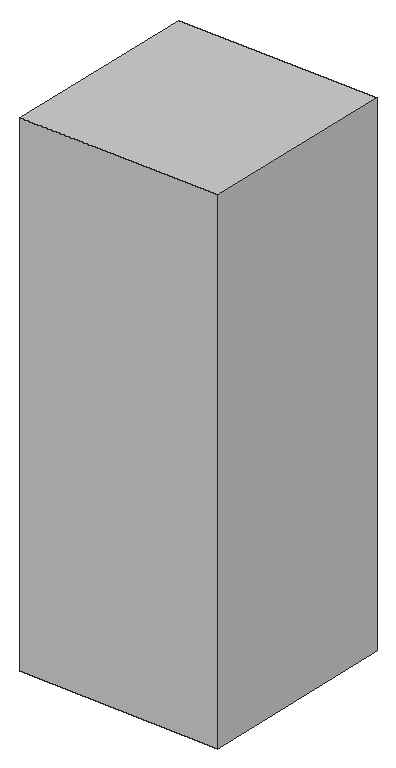
Revit family "BTC-CotCN_BeTong", category Structural Columns, Revit 2025
Family settings
  Display in Hidden Views = Edges Hidden by Other Members
  Section Shape = Not Defined
  Material for Model Behavior = Concrete
  Always export as geometry = No
  Beam cutback in plan = From bounding box
  OmniClass Number = 23.25.30.11.14.11
  OmniClass Title = Columns
  Cut with Voids When Loaded = No
  Symbolic Representation = From Family
  Shared = No
  Show family pre-cut in plan views = Yes
Parameters (values of type "1000x1000")
  b = 1000 mm
  h = 1000 mm
  Structural Material [instance] = Concrete, Cast-in-Place gray
Reference planes
  plane 1 "Center (Front/Back)": y = 0
  plane 2: z = 0
  plane 3 "Center (Left/Right)": x = 0
  plane 4: x = -500
  plane 5: x = 500
  plane 6: y = 500
  plane 7: y = -500
Forms (mm)
  Extrusion 1, solid, material "Concrete, Cast-in-Place gray" <- "Structural Material"
    sketch origin (0, 0, 0) x (1, 0, 0) y (0, 1, 0)
      loop
        line (-500, 500) -> (-500, -500) -> (500, -500) -> (500, 500) -> (-500, 500)
    from 0 to 2500
Dimensions and locks
  equal spacing: plane 4, plane 3 "Center (Left/Right)", plane 5
  equal spacing: plane 7, plane 1 "Center (Front/Back)", plane 6
  "h": plane 7 to plane 6
  "b": plane 4 to plane 5
  aligned and locked: Extrusion 1 sketch curve to plane 6
  aligned and locked: Extrusion 1 sketch curve to plane 7
  aligned and locked: Extrusion 1 sketch curve to plane 4
  aligned and locked: Extrusion 1 sketch curve to plane 5
  aligned and locked: level to Extrusion 1
  aligned and locked: level to plane 2
  aligned and locked: Extrusion 1 to plane 2
